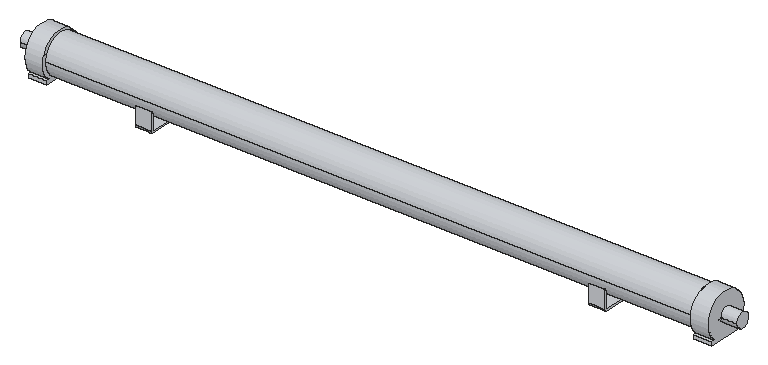
Revit family "0046369", category Lighting Fixtures, host Face, Revit 2017
Family settings
  Host = Face
  Round Connector Dimension = Use Diameter
  Part Type = Normal
  OmniClass Number = 23.80.70.00
  OmniClass Title = Lighting
  Cut with Voids When Loaded = No
  Light Source = Yes
  Shared = No
  Room Calculation Point = No
Parameters (values of type "0046369 ST WTRPRF SLIM 1200 IP65 2500LM 840")
  Weight = "9.27 kg"
  Wattage Comments = ""
  Wattage = 0 W
  WarrantyStartDate [instance] = "n/a"
  WarrantyGuarantorParts = "n/a"
  WarrantyDurationUnit = "n/a"
  WarrantyDurationParts = "n/a"
  WarrantyDescription = "n/a"
  built-in parameter 1150110 = 1 (stored number, unit not read)
  Voltage = 0 V
  URL = "http://www.sylvania-lighting.com"
  TypeName = "START Waterproof Slim 1200 IP65 2500lm 840"
  Type Image = <None>
  Type Comments = "n/a"
  built-in parameter 1114217 = 1 (stored number, unit not read)
  Tilt Angle = -90.00°
  built-in parameter 1150109 = 1 (stored number, unit not read)
  built-in parameter 1150134 = 12
  built-in parameter 1150113 = 1 (stored number, unit not read)
  SerialNumber [instance] = "n/a"
  Photometric Web File = "0046369.ies"
  Material_3_SYL = none
  PowerFactor = 0
  PowerConsumption = "n/a"
  NominalLength = 1122 mm
  NominalHeight = 64.5 mm
  NominalDepth = 67 mm
  Name = "START Waterproof Slim 1200 IP65 2500lm 840"
  ModelReference = Name  # "START Waterproof Slim 1200 IP65 2500lm 840"
  ModelNumber = "0046369"
  Model = Name  # "START Waterproof Slim 1200 IP65 2500lm 840"
  Material = "n/a"
  ManufacturerName = "Feilo Sylvania"
  Manufacturer = "Feilo Sylvania"
  MID_W_DIST_SYL = 47 mm
  LuminousEfficacy = "132 lm/W"
  built-in parameter 1150105 = (empty or 0)
  Lumens = 0 lm
  LuminaireType = ""
  built-in parameter 1150115 = 1 (stored number, unit not read)
  LightOutputRatio = "n/a"
  built-in parameter 1150137 = (empty or 0)
  built-in parameter 1150139 = (empty or 0)
  LampsType = Lamp  # "LED"
  LampNominalLuminous = "2500 lm"
  LampMacAdamStep = "n/a"
  LampColourTemperature = "4000 K"
  LampColourRenderingIndex = "80"
  built-in parameter 1150112 = 1 (stored number, unit not read)
  built-in parameter 1150114 = 1 (stored number, unit not read)
  Lamp = "LED"
  LENGHT_-1_SYL = (-1) * (LENGHT1_SYL)  # -545.5 mm
  LENGHT1_SYL = 545.5 mm
  LAM_D_SYL = 32.5 mm
  Keynote = "16500"
  InstallationDate [instance] = "n/a"
  InputVoltage = "n/a"
  InputNominalFrequency = "n/a"
  built-in parameter 1150132 = (empty or 0)
  built-in parameter 1150102 = (empty or 0)
  built-in parameter 1150107 = 4000 (stored number, unit not read)
  built-in parameter 1150138 = (empty or 0)
  IngressProtection = "IP65"
  ImpactProtectionIndex = "IK08"
  built-in parameter 1150106 = (empty or 0)
  IfcExportType = "IfcLightFixtureType"
  IfcExportAs = "IfcLightFixtureType"
  Emit from Circle Diameter = 609.6 mm
  Emit Shape Visible in Rendering = no
  ElectricShockClassification = "Class I"
  built-in parameter 1150104 = 12.263 (stored number, unit not read)
  DocumentationLiterature = "http://www.sylvania-lighting.com/product/en-int/products/0046369"
  DimmingControlOptions = "n/a"
  Material_2_SYL = none
  Dimming Lamp Color Temperature Shift = <None>
  Description = "START Waterproof Slim is a LED integrated polycarbonate housing luminaire with easy to access electrical terminal through bayonet lock end caps and tool-free electrical connection due to push-in terminal. Flexible installation as mounting brackets can be positioned freely on the luminaire. 19W; 2500lm; High efficiency with 132lm/W and 100,000 hours lifespan L70B50. SDCM < 5; IP65; IK08; Class I; 1207mm x 70mm x 69mm."
  Default Elevation = 1219.2 mm
  CreatedOn = "5/11/2021"
  CreatedBy = "@sylvania-lighting.com"
  Cost = 0
  Color Filter = 16777215
  built-in parameter 1114216 [instance] = (empty or 0)
  ClassificationValue = "EF_70_80"
  ClassificationName = "Uniclass2015"
  Material_1_SYL = none
  BarCode [instance] = "n/a"
  built-in parameter 1114218 = 1 (stored number, unit not read)
  built-in parameter 1150133 = 10 (stored number, unit not read)
  AssetType = "Fixed"
  AssetIdentifier [instance] = "n/a"
  Assembly Code = "D5020200"
  Apparent Load = 0 VA
  Material_4_SYL = none
Types (4, lengths in mm): name | TypeName | built-in parameter 1150134 | Photometric Web File | Name | ModelReference | ModelNumber | Model | LuminousEfficacy | LampNominalLuminous | LampColourTemperature | built-in parameter 1150107 | built-in parameter 1150104 | DocumentationLiterature | Description
  0046374 ST WTRPRF SLIM 1200 IP65 2500LM 865 | "START Waterproof Slim 1200 IP65 2500lm 865" | 1 | "0046374.ies" | "START Waterproof Slim 1200 IP65 2500lm 865" | "START Waterproof Slim 1200 IP65 2500lm 865" | "0046374" | "START Waterproof Slim 1200 IP65 2500lm 865" | "132 lm/W" | "2500 lm" | "6500 K" | 6500 (stored number, unit not read) | 12.263 (stored number, unit not read) | "http://www.sylvania-lighting.com/product/en-int/products/0046374" | "START Waterproof Slim is a LED integrated polycarbonate housing luminaire with easy to access electrical terminal through bayonet lock end caps and tool-free electrical connection due to push-in terminal. Flexible installation as mounting brackets can be positioned freely on the luminaire. 19W; 2500lm; High efficiency with 132lm/W and 100,000 hours lifespan L70B50. SDCM < 5; IP65; IK08; Class I; 1207mm x 70mm x 69mm."
  0046370 ST WTRPRF SLIM 1200 IP65 4600LM 840 | "START Waterproof Slim 1200 IP65 4600lm 840" | 12 | "0046370.ies" | "START Waterproof Slim 1200 IP65 4600lm 840" | "START Waterproof Slim 1200 IP65 4600lm 840" | "0046370" | "START Waterproof Slim 1200 IP65 4600lm 840" | "131 lm/W" | "4600 lm" | "4000 K" | 4000 (stored number, unit not read) | 12.17 (stored number, unit not read) | "http://www.sylvania-lighting.com/product/en-int/products/0046370" | "START Waterproof Slim is a LED integrated polycarbonate housing luminaire with easy to access electrical terminal through bayonet lock end caps and tool-free electrical connection due to push-in terminal. Flexible installation as mounting brackets can be positioned freely on the luminaire. 35W; 4600lm; High efficiency with 131lm/W and 100,000 hours lifespan L70B50. SDCM < 5; IP65; IK08; Class I; 1207mm x 70mm x 69mm."
  0046369 ST WTRPRF SLIM 1200 IP65 2500LM 840 | "START Waterproof Slim 1200 IP65 2500lm 840" | 12 | "0046369.ies" | "START Waterproof Slim 1200 IP65 2500lm 840" | "START Waterproof Slim 1200 IP65 2500lm 840" | "0046369" | "START Waterproof Slim 1200 IP65 2500lm 840" | "132 lm/W" | "2500 lm" | "4000 K" | 4000 (stored number, unit not read) | 12.263 (stored number, unit not read) | "http://www.sylvania-lighting.com/product/en-int/products/0046369" | "START Waterproof Slim is a LED integrated polycarbonate housing luminaire with easy to access electrical terminal through bayonet lock end caps and tool-free electrical connection due to push-in terminal. Flexible installation as mounting brackets can be positioned freely on the luminaire. 19W; 2500lm; High efficiency with 132lm/W and 100,000 hours lifespan L70B50. SDCM < 5; IP65; IK08; Class I; 1207mm x 70mm x 69mm."
  0046375 ST WTRPRF SLIM 1200 IP65 4600LM 865 | "START Waterproof Slim 1200 IP65 4600lm 865" | 1 | "0046375.ies" | "START Waterproof Slim 1200 IP65 4600lm 865" | "START Waterproof Slim 1200 IP65 4600lm 865" | "0046375" | "START Waterproof Slim 1200 IP65 4600lm 865" | "131 lm/W" | "4600 lm" | "6500 K" | 6500 (stored number, unit not read) | 12.17 (stored number, unit not read) | "http://www.sylvania-lighting.com/product/en-int/products/0046375" | "START Waterproof Slim is a LED integrated polycarbonate housing luminaire with easy to access electrical terminal through bayonet lock end caps and tool-free electrical connection due to push-in terminal. Flexible installation as mounting brackets can be positioned freely on the luminaire. 35W; 4600lm; High efficiency with 131lm/W and 100,000 hours lifespan L70B50. SDCM < 5; IP65; IK08; Class I; 1207mm x 70mm x 69mm."
Reference planes
  plane 1 "Center (Front/Back)": y = 0
  plane 2: z = 0
  plane 3 "Center (Left/Right)": x = 0
  plane 4: z = 47
  plane 5: z = 79.5
  plane 6: z = 12
  plane 7: y = 35
  plane 8: y = -35
  plane 9: z = 82
  plane 10: y = 29.5
  plane 11: y = -29.5
  plane 12: z = 18
  plane 13: y = 25.5
  plane 14: y = -25.5
  plane 15: z = 2
  plane 16: y = -27.5
  plane 17: y = 27.5
  plane 18: z = 59
  plane 19: x = 319
Forms (mm)
  Extrusion 1, solid
    sketch origin (319, 1524, 1219.2) x (0, 1, 0) y (0, 0, 1)
      loop
        circle (-1524, -1172.2) r 32.5
    from -545.5 <- "LENGHT_-1_SYL" to 545.5 <- "LENGHT1_SYL"
  Extrusion 2, solid
    sketch origin (319, 1524, 1219.2) x (0, 1, 0) y (0, 0, 1)
      loop
        arc (-1498.5, -1201.2) -> (-1524, -1137.2) -> (-1549.5, -1201.2) r 37.08
        line (-1549.5, -1201.2) -> (-1553.5, -1201.2) -> (-1553.5, -1207.2) -> (-1494.5, -1207.2) -> (-1494.5, -1201.2) -> (-1498.5, -1201.2)
    from -575.5 to -545.5
  Extrusion 3, solid
    sketch origin (319, 1524, 1219.2) x (0, 1, 0) y (0, 0, 1)
      loop
        line (-1494.5, -1184.388) -> (-1496.5, -1184.388) -> (-1496.5, -1215.2)
        arc (-1496.5, -1215.2) -> (-1497.086, -1216.614) -> (-1498.5, -1217.2) r 2
        line (-1498.5, -1217.2) -> (-1549.5, -1217.2)
        arc (-1549.5, -1217.2) -> (-1550.914, -1216.614) -> (-1551.5, -1215.2) r 2
        line (-1551.5, -1215.2) -> (-1551.5, -1184.388) -> (-1553.5, -1184.388) -> (-1553.5, -1216.2)
        arc (-1553.5, -1216.2) -> (-1552.621, -1218.321) -> (-1550.5, -1219.2) r 3
        line (-1550.5, -1219.2) -> (-1497.5, -1219.2)
        arc (-1497.5, -1219.2) -> (-1495.379, -1218.321) -> (-1494.5, -1216.2) r 3
        line (-1494.5, -1216.2) -> (-1494.5, -1184.388)
    from -395.5 to -368.5
  Extrusion 4, solid
    sketch origin (0, 0, 0) x (0, 1, 0) y (0, 0, 1)
      loop
        circle (0, 47) r 12
    from -284.5 to 922.5
  Extrusion 5, solid
    sketch origin (319, 1524, 1219.2) x (0, 1, 0) y (0, 0, -1)
      loop
        line (-1498.5, 1201.2) -> (-1494.5, 1201.2) -> (-1494.5, 1207.2) -> (-1553.5, 1207.2) -> (-1553.5, 1201.2) -> (-1549.5, 1201.2)
        arc (-1549.5, 1201.2) -> (-1524, 1137.2) -> (-1498.5, 1201.2) r 37.08
    from -575.5 to -545.5
  Extrusion 6, solid
    sketch origin (319, 1524, 1219.2) x (0, 1, 0) y (0, 0, -1)
      loop
        line (-1494.5, 1184.388) -> (-1494.5, 1216.2)
        arc (-1494.5, 1216.2) -> (-1495.379, 1218.321) -> (-1497.5, 1219.2) r 3
        line (-1497.5, 1219.2) -> (-1550.5, 1219.2)
        arc (-1550.5, 1219.2) -> (-1552.621, 1218.321) -> (-1553.5, 1216.2) r 3
        line (-1553.5, 1216.2) -> (-1553.5, 1184.388) -> (-1551.5, 1184.388) -> (-1551.5, 1215.2)
        arc (-1551.5, 1215.2) -> (-1550.914, 1216.614) -> (-1549.5, 1217.2) r 2
        line (-1549.5, 1217.2) -> (-1498.5, 1217.2)
        arc (-1498.5, 1217.2) -> (-1497.086, 1216.614) -> (-1496.5, 1215.2) r 2
        line (-1496.5, 1215.2) -> (-1496.5, 1184.388) -> (-1494.5, 1184.388)
    from -395.5 to -368.5
Dimensions and locks
  "MID_W_DIST_SYL": plane 4 to host face
  "LAM_D_SYL": plane 4 to plane 5
  aligned and locked: plane 2 to host face
  aligned and locked: level to host face
  aligned and locked: Extrusion 2 to Extrusion 1
Automatic sketch dimensions
  host sketch curve to host sketch curve = 2438.4 mm  (x2)
  Extrusion 1 sketch curve to plane 1 "Center (Front/Back)" = 0 mm
  plane 4 to Extrusion 1 sketch curve = 0 mm
  plane 6 to Extrusion 2 sketch curve = 0 mm
  Extrusion 2 sketch curve to plane 11 = 0 mm
  plane 12 to Extrusion 2 sketch curve = 0 mm  (x2)
  Extrusion 2 sketch curve to plane 14 = 0 mm
  Extrusion 2 sketch curve to plane 1 "Center (Front/Back)" = 0 mm
  Extrusion 2 sketch curve to plane 10 = 0 mm
  plane 4 to Extrusion 2 sketch curve = 2.08 mm
  Extrusion 3 sketch curve to plane 11 = 0 mm
  Extrusion 3 sketch curve to plane 16 = 0 mm
  Extrusion 3 sketch curve to level = 0 mm
  Extrusion 3 sketch curve to plane 14 = 0 mm
  Extrusion 3 sketch curve to plane 13 = 0 mm
  Extrusion 3 sketch curve to plane 17 = 0 mm
  Extrusion 3 sketch curve to plane 10 = 0 mm
  plane 15 to Extrusion 3 sketch curve = 0 mm
  plane 14 to Extrusion 3 sketch curve = 1 mm
  Extrusion 3 sketch curve to plane 13 = 1 mm
  plane 4 to Extrusion 3 sketch curve = 12.187 mm
  plane 4 to Extrusion 3 sketch curve = 12.188 mm
  Extrusion 4 sketch curve to plane 1 "Center (Front/Back)" = 0 mm
  plane 4 to Extrusion 4 sketch curve = 0 mm
  plane 6 to Extrusion 5 sketch curve = 0 mm
  Extrusion 5 sketch curve to plane 11 = 0 mm
  plane 12 to Extrusion 5 sketch curve = 0 mm  (x2)
  Extrusion 5 sketch curve to plane 14 = 0 mm
  Extrusion 5 sketch curve to plane 1 "Center (Front/Back)" = 0 mm
  Extrusion 5 sketch curve to plane 10 = 0 mm
  plane 4 to Extrusion 5 sketch curve = 2.08 mm
  Extrusion 6 sketch curve to plane 11 = 0 mm
  Extrusion 6 sketch curve to plane 16 = 0 mm
  Extrusion 6 sketch curve to level = 0 mm
  Extrusion 6 sketch curve to plane 14 = 0 mm
  Extrusion 6 sketch curve to plane 13 = 0 mm
  Extrusion 6 sketch curve to plane 17 = 0 mm
  Extrusion 6 sketch curve to plane 10 = 0 mm
  plane 15 to Extrusion 6 sketch curve = 0 mm
  plane 14 to Extrusion 6 sketch curve = 1 mm
  Extrusion 6 sketch curve to plane 13 = 1 mm
  plane 4 to Extrusion 6 sketch curve = 12.187 mm
  plane 4 to Extrusion 6 sketch curve = 12.188 mm
  radius of Extrusion 1 sketch curve = 32.5 mm
  radius of Extrusion 4 sketch curve = 12 mm
Connectors
  electrical at (-284.5, 0, 47)
    settings: on Extrusion 4, index 1, voltage 0 V, apparent load 0 VA, apparent load phase1 0 VA, apparent load phase2 0 VA, apparent load phase3 0 VA, power factor 1, load classification "Other", number of poles 1, system type 31, power factor state 1, is connector primary yes, connector utility no, sub classification motor no, connector description ""
